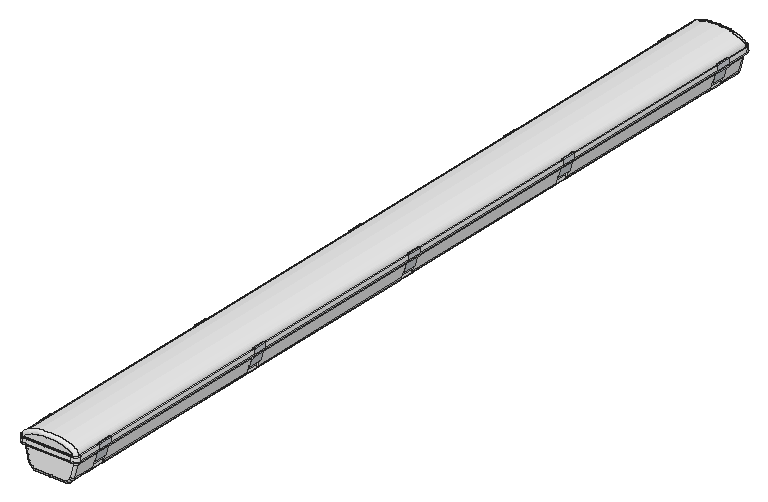
Revit family "0048832 Feilo Sylvania Lighting Fixture HYDROPROOF LED G3 1500MM T 4K QC MW", category Lighting Fixtures, host Face, Revit 2016
Family settings
  Host = Face
  Part Type = Normal
  Round Connector Dimension = Use Diameter
  OmniClass Number = 23.80.70.11.14
  OmniClass Title = General Luminaries, Directional
  Cut with Voids When Loaded = No
  Light Source = Yes
  Shared = No
  Room Calculation Point = No
Parameters (values of type "0048832 HYDROPROOF LED G3 1500MM T 4K QC MW")
  Width = 110 mm
  Weight = "2.65 kg"
  Wattage Comments = "n/a"
  Wattage = 48 W
  WarrantyStartDate [instance] = "n/a"
  WarrantyGuarantorParts = "n/a"
  WarrantyDurationUnit = "n/a"
  WarrantyDurationParts = "n/a"
  WarrantyDescription = "n/a"
  built-in parameter 1150110 = 1 (stored number, unit not read)
  Voltage = 230 V
  URL = "http://www.sylvania-lighting.com"
  TypeName = "HYDROPROOF LED G3 1500MM T 4K QC MW"
  Type Image = <None>
  Type Comments = "n/a"
  built-in parameter 1114217 = 1 (stored number, unit not read)
  Tilt Angle = -90.00°
  built-in parameter 1150109 = 1 (stored number, unit not read)
  built-in parameter 1150134 = 12
  built-in parameter 1150113 = 1 (stored number, unit not read)
  SerialNumber [instance] = "n/a"
  ReflectorMaterial = none
  PowerFactor = 0
  PowerConsumption = "48 W"
  Photometric Web File = "0048832.ies"
  NominalWidth = 0 mm
  NominalLength = 1578 mm
  NominalHeight = 78 mm
  Name = "HYDROPROOF LED G3 1500MM T 4K QC MW"
  ModelReference = "HYDROPROOF LED G3 1500MM T 4K QC MW"
  ModelNumber = "0048832"
  Model = "HYDROPROOF LED G3 1500MM T 4K QC MW"
  Material = "grp housing, pmma diffuser"
  ManufacturerName = "Feilo Sylvania"
  Manufacturer = "Feilo Sylvania"
  LuminousEfficacy = "144 lm/W"
  built-in parameter 1150105 = 550.04 (stored number, unit not read)
  Lumens = 6912 lm
  LuminaireType = ""
  built-in parameter 1150115 = 1 (stored number, unit not read)
  LightOutputRatio = "n/a"
  built-in parameter 1150137 = (empty or 0)
  built-in parameter 1150139 = (empty or 0)
  Length = 1572 mm
  LampsType = Lamp  # "LED"
  LampNominalLuminous = "6900 lm"
  LampMacAdamStep = "3"
  LampColourTemperature = "4000 K"
  LampColourRenderingIndex = "80"
  built-in parameter 1150112 = 1 (stored number, unit not read)
  built-in parameter 1150114 = 1 (stored number, unit not read)
  Lamp = "LED"
  Keynote = "16500"
  InstallationDate [instance] = "n/a"
  InputVoltage = "220-240V~"
  InputNominalFrequency = "50/60 Hz"
  built-in parameter 1150132 = (empty or 0)
  built-in parameter 1150102 = (empty or 0)
  built-in parameter 1150107 = 4000 (stored number, unit not read)
  built-in parameter 1150138 = (empty or 0)
  IngressProtection = "IP65"
  ImpactProtectionIndex = "IK02"
  built-in parameter 1150106 = 5.5004 (stored number, unit not read)
  IfcExportType = "IfcLightFixtureType"
  IfcExportAs = "IfcLightFixtureType"
  ExpectedLife = 50000
  Emit from Rectangle Width = Width - 20 mm  # 90 mm
  Emit from Rectangle Length = Length - 20 mm  # 1552 mm
  Emit Shape Visible in Rendering = no
  ElectricShockClassification = "Class I"
  built-in parameter 1150104 = 13.378 (stored number, unit not read)
  DurationUnit = "hours"
  DocumentationLiterature = "http://www.sylvania-lighting.com/product/en-int/products/0048832"
  DimmingControlOptions = "Non dimmable"
  Dimming Lamp Color Temperature Shift = <None>
  DiffuserMaterial = Diffuser-Sylvania-Transparent
  Description = "Hydroproof, integrated LED chemical resistant weatherproof luminaire with quick connector, with UV stabilized flat diffuser and linear prisms designed to achieve uniform lit appearance, optimise light output and to reduce glare, stainless steel diffuser clips and fixing brackets for surface and wall mounting. L 1578 mm x W 110 mm x H 78 mm size, GRP housing, PMMA diffuser, Non dimmable,   4000K, CRI80,  6900 lm, 48 W, 144 lm/W, nominal average life (h):50000, energy class: A++ A+ A Class I,IK02, IP65."
  Default Elevation = 1219.2 mm
  CreatedOn = "3/27/2018"
  CreatedBy = "aron.fodor@feilosylvania.com"
  Cost = 0
  Color Filter = 16777215
  built-in parameter 1114216 [instance] = (empty or 0)
  ClassificationValue = "EF_70_80"
  ClassificationName = "Uniclass2015"
  BodyMaterial = Body-Sylvania-Gray
  BarCode [instance] = "n/a"
  built-in parameter 1114218 = 1 (stored number, unit not read)
  built-in parameter 1150133 = 10 (stored number, unit not read)
  AssetType = "Fixed"
  AssetIdentifier [instance] = "n/a"
  Assembly Code = "D5020200"
  Apparent Load = 48 VA
  AccessoryMaterial = Diffuser-Sylvania-Glow
Reference planes
  plane 1 "Center (Front/Back)": y = 0
  plane 2: z = 0
  plane 3 "Center (Left/Right)": x = 0
  plane 4: z = 54
  plane 5: x = -27.7
  plane 6: x = -34.8
  plane 7: x = -39.6
  plane 8: x = -42.2
  plane 9: z = 3
  plane 10: z = 7.8
  plane 11: z = 12.3
  plane 12: z = 36.6
  plane 13: z = 42.8
  plane 14: x = -51.1
  plane 15: z = 46.2
  plane 16: x = -55
  plane 17: y = 786
  plane 18: y = -786
  plane 19: x = 27.7
  plane 20: x = 34.8
  plane 21: x = 39.6
  plane 22: x = 42.2
  plane 23: x = 51.1
  plane 24: x = 55
  plane 25: y = 778.4
  plane 26: y = -778.4
  plane 27: y = -774.7
  plane 28: y = 774.7
  plane 29: z = 74
  plane 30: x = -51.5
  plane 31: x = 51.5
  plane 32: z = 55.2
  plane 33: y = -782.5
  plane 34: y = 782.5
  plane 35: x = -37.5
  plane 36: x = 37.5
  plane 37: x = -48.7
  plane 38: x = 48.7
  plane 39: x = 18
  plane 40: x = -18
  plane 41: z = 50.2
  plane 42: z = 24.6
  plane 43: y = 720
  plane 44: y = 706
  plane 45: y = 734
  plane 46: y = -720
  plane 47: y = 720
  plane 48: y = 706
  plane 49: y = 734
  plane 50: y = -720
  plane 51: y = -734
  plane 52: y = -706
  plane 53: y = 360
  plane 54: y = 346
  plane 55: y = 374
  plane 56: y = 0
  plane 57: y = -14
  plane 58: y = 14
  plane 59: y = -360
  plane 60: y = -374
  plane 61: y = -346
Forms (mm)
  Sweep 1, solid, material "Body-Sylvania-Gray" <- "BodyMaterial", detail levels medium+fine
    path origin (1223.4, -4572, 54) x (0, -1, 0) y (1, 0, 0)
      loop
        arc (-3796, -1278.4) -> (-3788.929, -1275.471) -> (-3786, -1268.4) r 10
        line (-3786, -1268.4) -> (-3786, -1178.4)
        arc (-3786, -1178.4) -> (-3788.929, -1171.329) -> (-3796, -1168.4) r 10
        line (-3796, -1168.4) -> (-5348, -1168.4)
        arc (-5348, -1168.4) -> (-5355.071, -1171.329) -> (-5358, -1178.4) r 10
        line (-5358, -1178.4) -> (-5358, -1268.4)
        arc (-5358, -1268.4) -> (-5355.071, -1275.471) -> (-5348, -1278.4) r 10
        line (-5348, -1278.4) -> (-3796, -1278.4)
    profile origin (-55, 0, 54) x (-1, 0, 0) y (0, 0, 1)
      loop
        line (0, 0) -> (-1, 0) -> (-1, -7.726)
        arc (-1, -7.726) -> (-1.994, -9.498) -> (-3.9, -10.2) r 2.937
        line (-3.9, -10.2) -> (-8.571, -10.2) -> (-8.571, -11.2) -> (-3.9, -11.2)
        arc (-3.9, -11.2) -> (-1.313, -10.231) -> (0, -7.8) r 3.937
        line (0, -7.8) -> (0, 0)
  Sweep 2, solid, material "Body-Sylvania-Gray" <- "BodyMaterial", detail levels medium+fine
    path origin (0, 0, 0) x (1, 0, 0) y (0, 0, 1)
      loop
        line (48.7, 42.8) -> (48.7, 36.6) -> (42.203, 12.31)
        arc (42.203, 12.31) -> (41.199, 9.884) -> (39.6, 7.8) r 10.052
        line (39.6, 7.8) -> (34.8, 3)
        arc (34.8, 3) -> (31.554, 0.781) -> (27.7, 0) r 9.902
        line (27.7, 0) -> (0, 0) -> (-27.7, 0)
        arc (-27.7, 0) -> (-31.554, 0.781) -> (-34.8, 3) r 9.902
        line (-34.8, 3) -> (-39.6, 7.8)
        arc (-39.6, 7.8) -> (-41.199, 9.884) -> (-42.203, 12.31) r 10.052
        line (-42.203, 12.31) -> (-48.7, 36.6) -> (-48.7, 42.8)
    profile origin (0, 0, 0) x (0, 0, -1) y (0, -1, 0)
      loop
        arc (0, 773.4) -> (-1.464, 776.936) -> (-5, 778.4) r 5
        line (-5, 778.4) -> (-7.8, 778.4) -> (-7.8, -778.4) -> (-5, -778.4)
        arc (-5, -778.4) -> (-1.464, -776.936) -> (0, -773.4) r 5
        line (0, -773.4) -> (0, 773.4)
  Extrusion 3, solid, material "Body-Sylvania-Gray" <- "BodyMaterial", detail levels medium+fine
    sketch origin (1524, 778.4, 1219.2) x (1, 0, 0) y (0, 0, 1)
      loop
        arc (-1558.668, -1204.874) -> (-1558.443, -1205.418) -> (-1558.085, -1205.885) r 2.252
        line (-1558.085, -1205.885) -> (-1553.231, -1210.738)
        arc (-1553.231, -1210.738) -> (-1552.534, -1211.227) -> (-1551.7, -1211.4) r 2.102
        line (-1551.7, -1211.4) -> (-1496.3, -1211.4)
        arc (-1496.3, -1211.4) -> (-1495.466, -1211.227) -> (-1494.769, -1210.738) r 2.102
        line (-1494.769, -1210.738) -> (-1489.915, -1205.885)
        arc (-1489.915, -1205.885) -> (-1489.557, -1205.418) -> (-1489.332, -1204.874) r 2.252
        line (-1489.332, -1204.874) -> (-1483.1, -1181.575) -> (-1483.1, -1176.4) -> (-1564.9, -1176.4) -> (-1564.9, -1181.575) -> (-1558.668, -1204.874)
    from 0 to 1556.8
  Sweep 4, solid, material "Diffuser-Sylvania-Transparent" <- "DiffuserMaterial", detail levels medium+fine
    path origin (0, 0, 0) x (1, 0, 0) y (0, 0, 1)
      loop
        spline (-51.5, 55.2) -> (-49.745, 60.066) -> (-44.6, 64.6) -> (-36.416, 68.494) -> (-25.75, 71.481) -> (-13.329, 73.359) -> (0, 74) -> (13.329, 73.359) -> (25.75, 71.481) -> (36.416, 68.494) -> (44.6, 64.6) -> (49.745, 60.066) -> (51.5, 55.2)
    profile origin (51.5, 0, 55.2) x (0, -1, 0) y (1, 0, 0)
      loop
        arc (782.5, -5.5) -> (780.889, -1.611) -> (777, 0) r 5.5
        line (777, 0) -> (-777, 0)
        arc (-777, 0) -> (-780.889, -1.611) -> (-782.5, -5.5) r 5.5
        line (-782.5, -5.5) -> (-782.5, -6.3) -> (-781.5, -6.3) -> (-781.5, -5.5)
        arc (-781.5, -5.5) -> (-780.182, -2.318) -> (-777, -1) r 4.5
        line (-777, -1) -> (777, -1)
        arc (777, -1) -> (780.182, -2.318) -> (781.5, -5.5) r 4.5
        line (781.5, -5.5) -> (781.5, -6.347) -> (782.5, -6.347) -> (782.5, -5.5)
  Extrusion 5, solid, material "Diffuser-Sylvania-Transparent" <- "DiffuserMaterial", detail levels medium+fine
    sketch origin (1524, -782.5, 1219.2) x (1, 0, 0) y (0, 0, 1)
      loop
        line (-1569.653, -1164) -> (-1478.347, -1164)
        spline (-1478.347, -1164) -> (-1478.969, -1162.594) -> (-1482.527, -1159.545) -> (-1489.588, -1156.201) -> (-1499.458, -1153.445) -> (-1511.242, -1151.663) -> (-1524, -1151.049) -> (-1536.758, -1151.663) -> (-1548.542, -1153.445) -> (-1558.412, -1156.201) -> (-1565.473, -1159.545) -> (-1569.031, -1162.594) -> (-1569.653, -1164)
    from 0 to -1
  Extrusion 6, solid, material "Diffuser-Sylvania-Transparent" <- "DiffuserMaterial", detail levels medium+fine
    sketch origin (1524, 782.5, 1219.2) x (1, 0, 0) y (0, 0, 1)
      loop
        spline (-1478.3, -1164) -> (-1478.931, -1162.565) -> (-1482.502, -1159.505) -> (-1489.572, -1156.155) -> (-1499.446, -1153.394) -> (-1511.236, -1151.614) -> (-1524, -1151.007) -> (-1536.764, -1151.614) -> (-1548.554, -1153.394) -> (-1558.428, -1156.155) -> (-1565.498, -1159.505) -> (-1569.069, -1162.565) -> (-1569.7, -1164)
        line (-1569.7, -1164) -> (-1478.3, -1164)
    from 0 to 1
  Extrusion 7, solid, material "Diffuser-Sylvania-Transparent" <- "DiffuserMaterial", detail levels medium+fine
    sketch origin (1223.4, -4572, 55.2) x (0, -1, 0) y (-1, 0, 0)
      loop
        arc (-5353.5, 1177.4) -> (-5352.182, 1174.218) -> (-5349, 1172.9) r 4.5
        line (-5349, 1172.9) -> (-3795, 1172.9)
        arc (-3795, 1172.9) -> (-3791.818, 1174.218) -> (-3790.5, 1177.4) r 4.5
        line (-3790.5, 1177.4) -> (-3790.5, 1269.4)
        arc (-3790.5, 1269.4) -> (-3791.818, 1272.582) -> (-3795, 1273.9) r 4.5
        line (-3795, 1273.9) -> (-5349, 1273.9)
        arc (-5349, 1273.9) -> (-5352.182, 1272.582) -> (-5353.5, 1269.4) r 4.5
        line (-5353.5, 1269.4) -> (-5353.5, 1177.4)
      loop
        line (-5358, 1268.4) -> (-5358, 1178.4)
        arc (-5358, 1178.4) -> (-5355.071, 1171.329) -> (-5348, 1168.4) r 10
        line (-5348, 1168.4) -> (-3796, 1168.4)
        arc (-3796, 1168.4) -> (-3788.929, 1171.329) -> (-3786, 1178.4) r 10
        line (-3786, 1178.4) -> (-3786, 1268.4)
        arc (-3786, 1268.4) -> (-3788.929, 1275.471) -> (-3796, 1278.4) r 10
        line (-3796, 1278.4) -> (-5348, 1278.4)
        arc (-5348, 1278.4) -> (-5355.071, 1275.471) -> (-5358, 1268.4) r 10
    from 0 to 1.2
  Extrusion 8, solid, material "Diffuser-Sylvania-Glow" <- "AccessoryMaterial", detail levels fine
    sketch origin (0, 0, 0) x (1, 0, 0) y (0, 0, 1)
      loop
        circle (-18, 50.2) r 8
      loop
        circle (18, 50.2) r 8
    from -774.7 to 774.7
  Extrusion 9, void
    sketch origin (0, 720, 2343.807) x (0, 0, -1) y (-1, 0, 0)
      loop
        line (2340.807, -37.5) -> (2331.507, -37.5) -> (2319.207, -42.2) -> (2319.207, -48.7) -> (2340.807, -48.7) -> (2340.807, -37.5)
      loop
        line (2340.807, 37.5) -> (2340.807, 48.7) -> (2319.207, 48.7) -> (2319.207, 42.2) -> (2331.507, 37.5) -> (2340.807, 37.5)
    from -14 to 14
  Extrusion 10, solid, material "Body-Sylvania-Gray" <- "BodyMaterial", detail levels coarse
    sketch origin (0, 0, 0) x (1, 0, 0) y (0, 0, 1)
      loop
        line (55, 42.8) -> (55, 55.2) -> (-55, 55.2) -> (-55, 42.791) -> (-42.2, 0) -> (42.2, 0) -> (55, 42.8)
    from -786 to 786
  Extrusion 11, solid, material "Diffuser-Sylvania-Transparent" <- "DiffuserMaterial", detail levels coarse
    sketch origin (0, 0, 0) x (1, 0, 0) y (0, 0, 1)
      loop
        arc (51.5, 55.2) -> (0, 74) -> (-51.5, 55.2) r 79.939
        line (-51.5, 55.2) -> (51.5, 55.2)
    from 778.4 to -778.4
  Extrusion 12, void, not visible
    sketch origin (0, 720, 2343.807) x (0, 0, -1) y (-1, 0, 0)
      loop
        line (2340.807, -37.5) -> (2331.507, -37.5) -> (2319.207, -42.2) -> (2319.207, -48.7) -> (2340.807, -48.7) -> (2340.807, -37.5)
      loop
        line (2340.807, 37.5) -> (2340.807, 48.7) -> (2319.207, 48.7) -> (2319.207, 42.2) -> (2331.507, 37.5) -> (2340.807, 37.5)
    from -14 to 14
  Extrusion 13, void
    sketch origin (0, -720, 2343.807) x (0, 0, -1) y (-1, 0, 0)
      loop
        line (2340.807, -37.5) -> (2331.507, -37.5) -> (2319.207, -42.2) -> (2319.207, -48.7) -> (2340.807, -48.7) -> (2340.807, -37.5)
      loop
        line (2340.807, 37.5) -> (2340.807, 48.7) -> (2319.207, 48.7) -> (2319.207, 42.2) -> (2331.507, 37.5) -> (2340.807, 37.5)
    from -14 to 14
  Extrusion 14, void
    sketch origin (0, 360, 2343.807) x (0, 0, -1) y (-1, 0, 0)
      loop
        line (2340.807, -37.5) -> (2331.507, -37.5) -> (2319.207, -42.2) -> (2319.207, -48.7) -> (2340.807, -48.7) -> (2340.807, -37.5)
      loop
        line (2340.807, 37.5) -> (2340.807, 48.7) -> (2319.207, 48.7) -> (2319.207, 42.2) -> (2331.507, 37.5) -> (2340.807, 37.5)
    from -14 to 14
  Extrusion 15, void
    sketch origin (0, 0, 2343.807) x (0, 0, -1) y (-1, 0, 0)
      loop
        line (2340.807, -37.5) -> (2331.507, -37.5) -> (2319.207, -42.2) -> (2319.207, -48.7) -> (2340.807, -48.7) -> (2340.807, -37.5)
      loop
        line (2340.807, 37.5) -> (2340.807, 48.7) -> (2319.207, 48.7) -> (2319.207, 42.2) -> (2331.507, 37.5) -> (2340.807, 37.5)
    from -14 to 14
  Extrusion 16, void
    sketch origin (0, -360, 2343.807) x (0, 0, -1) y (-1, 0, 0)
      loop
        line (2340.807, -37.5) -> (2331.507, -37.5) -> (2319.207, -42.2) -> (2319.207, -48.7) -> (2340.807, -48.7) -> (2340.807, -37.5)
      loop
        line (2340.807, 37.5) -> (2340.807, 48.7) -> (2319.207, 48.7) -> (2319.207, 42.2) -> (2331.507, 37.5) -> (2340.807, 37.5)
    from -14 to 14
Cuts and joins
  Extrusion 9, Extrusion 13, Extrusion 14, Extrusion 15, Extrusion 16 cuts Sweep 2
  Extrusion 13, Extrusion 14, Extrusion 15, Extrusion 16 cuts Extrusion 3
  joined: Sweep 2, Extrusion 3
  joined: Sweep 4, Extrusion 5, Extrusion 6
Dimensions and locks
  locked: plane 4 to plane 2 at 54
  plane 5 to plane 6 to plane 7 to plane 8 to plane 14 to plane 16 = 7.1 mm locked, 4.8 mm locked, 2.6 mm locked, 8.9 mm, 3.9 mm
  plane 4 to plane 15 to plane 13 to plane 12 to plane 11 to plane 10 to plane 9 = 7.8 mm locked, 3.4 mm, 6.2 mm locked, 24.3 mm locked, 4.5 mm locked, 4.8 mm locked
  equal spacing: plane 18, plane 1 "Center (Front/Back)", plane 17
  "Length": plane 18 to plane 17
  plane 19 to plane 20 to plane 21 to plane 22 to plane 23 to plane 24 = 7.1 mm locked, 4.8 mm locked, 2.6 mm locked, 8.9 mm, 3.9 mm
  equal spacing: plane 24, plane 3 "Center (Left/Right)", plane 16
  "Width": plane 24 to plane 16
  equal spacing: plane 27, plane 1 "Center (Front/Back)", plane 28
  locked: plane 26 to plane 27 at 3.7
  locked: Sweep 1 sketch curve to profile plane at 1
  locked: Sweep 1 sketch curve to plane 13 at 1
  locked: Sweep 1 sketch curve to plane 13 at 3.937  (x2)
  locked: Sweep 1 sketch curve to profile plane at 3.9  (x2)
  locked: plane 29 to plane 4 at 20
  equal spacing: plane 31, plane 3 "Center (Left/Right)", plane 30
  locked: plane 30 to plane 16 at 3.5
  locked: plane 32 to plane 4 at 1.2
  equal spacing: plane 33, plane 1 "Center (Front/Back)", plane 34
  equal spacing: plane 36, plane 3 "Center (Left/Right)", plane 35
  locked: plane 3 "Center (Left/Right)" to plane 35 at 37.5
  locked: plane 34 to plane 17 at 3.5
  equal spacing: plane 38, plane 3 "Center (Left/Right)", plane 37
  locked: plane 37 to plane 16 at 6.3
  equal spacing: plane 25, plane 1 "Center (Front/Back)", plane 26
  locked: plane 17 to plane 25 at 7.6
  locked: Sweep 2 sketch curve to plane 2 at 5  (x2)
  locked: Sweep 2 sketch curve to plane 26 at 5
  locked: plane 25 to Sweep 2 sketch curve at 5
  locked: Sweep 4 sketch curve to plane 31 at 5.5  (x2)
  locked: Sweep 4 sketch curve to plane 34 at 5.5
  plane 33 to Sweep 4 sketch curve = 5.5 mm
  locked: plane 34 to Sweep 4 sketch curve at 1
  locked: Sweep 4 sketch curve to plane 31 at 1
  locked: Sweep 4 sketch curve to Sweep 4 sketch curve at 1
  locked: Sweep 4 sketch curve to plane 31 at 6.347
  locked: Sweep 4 sketch curve to plane 31 at 6.3
  equal spacing: plane 39, plane 3 "Center (Left/Right)", plane 40
  locked: plane 3 "Center (Left/Right)" to plane 40 at 18
  locked: plane 42 to plane 2 at 24.6
  plane 45 to plane 43 to plane 44 = 14 mm locked, 14 mm locked
  locked: plane 17 to plane 43 at 66
  equal spacing: plane 43, plane 1 "Center (Front/Back)", plane 46
  plane 49 to plane 47 to plane 48 = 14 mm locked, 14 mm locked
  plane 52 to plane 50 to plane 51 = 14 mm locked, 14 mm locked  (x2)
  equal spacing: group 1, group 6, group 7, group 8, group 5  (x2)
  equal spacing: group 5, group 8, group 7, group 6, group 1
  plane 55 to plane 53 to plane 54 = 14 mm locked, 14 mm locked  (x2)
  plane 58 to plane 56 to plane 57 = 14 mm locked, 14 mm locked  (x2)
  plane 61 to plane 59 to plane 60 = 14 mm locked, 14 mm locked  (x2)
  plane 43 to plane 53 to plane 1 "Center (Front/Back)" to plane 59 to plane 50 = 360 mm locked, 360 mm locked, 360 mm locked, 360 mm locked
  aligned and locked: plane 2 to host face
  aligned and locked: level to host face
  aligned and locked: plane 16 to Sweep 1 sketch curve
  aligned and locked: Sweep 1 sketch curve to plane 24
  aligned and locked: plane 18 to Sweep 1 sketch curve
  aligned and locked: Sweep 1 sketch curve to plane 13
  aligned and locked: profile plane to Sweep 1 sketch curve
  aligned and locked: plane 3 "Center (Left/Right)" to Sweep 2 sketch curve
  aligned and locked: plane 9 to Sweep 2 sketch curve
  aligned and locked: plane 10 to Sweep 2 sketch curve
  aligned and locked: plane 37 to Sweep 2 sketch curve
  aligned and locked: plane 12 to Sweep 2 sketch curve
  aligned and locked: Sweep 2 sketch curve to level
  aligned and locked: plane 21 to Sweep 2 sketch curve
  aligned and locked: plane 38 to Sweep 2 sketch curve
  aligned and locked: profile plane to Sweep 2 sketch curve
  aligned and locked: plane 25 to Sweep 2 sketch curve
  aligned and locked: Sweep 2 sketch curve to plane 10
  aligned and locked: Extrusion 3 sketch curve to Sweep 2  (x7)
  aligned and locked: Sweep 2 to Extrusion 3 sketch curve
  aligned and locked: Extrusion 3 to plane 25
  aligned and locked: plane 26 to Extrusion 3
  aligned and locked: plane 32 to Sweep 4 sketch curve
  aligned and locked: plane 33 to Sweep 4 sketch curve
  aligned and locked: Sweep 4 to Extrusion 5
  aligned and locked: plane 33 to Extrusion 5
  aligned and locked: Extrusion 5 sketch curve to Sweep 4
  aligned and locked: cut or joined group of Sweep 4, Extrusion 5, Extrusion 6 to Extrusion 6 sketch curve
  aligned and locked: Extrusion 7 sketch curve to cut or joined group of Sweep 4, Extrusion 5, Extrusion 6  (x2)
  aligned and locked: cut or joined group of Sweep 4, Extrusion 5, Extrusion 6 to Extrusion 7 sketch curve  (x2)
  aligned and locked: plane 41 to Extrusion 8 sketch curve  (x2)
  aligned and locked: plane 39 to Extrusion 8 sketch curve
  aligned and locked: plane 27 to Extrusion 8
  aligned and locked: Extrusion 8 to plane 28
  aligned and locked: Extrusion 9 to plane 42
  aligned and locked: plane 9 to Extrusion 9
  aligned and locked: plane 44 to Extrusion 9
  aligned and locked: Extrusion 9 to plane 45
  aligned and locked: Extrusion 7 sketch curve to Sweep 1  (x4)
  aligned and locked: plane 4 to Extrusion 7
  aligned and locked: Extrusion 7 to plane 32
  aligned and locked: nested 2 to plane 43
  aligned and locked: plane 43 to nested 1
  aligned and locked: Extrusion 10 sketch curve to plane 24
  aligned and locked: Extrusion 10 sketch curve to Extrusion 7
  aligned and locked: plane 8 to Extrusion 10 sketch curve
  aligned and locked: plane 22 to Extrusion 10 sketch curve
  aligned and locked: level to Extrusion 10 sketch curve
  aligned and locked: Extrusion 10 to plane 17
  aligned and locked: plane 18 to Extrusion 10
  aligned and locked: cut or joined group of Sweep 4, Extrusion 5, Extrusion 6 to Extrusion 11 sketch curve
  aligned and locked: Extrusion 11 sketch curve to cut or joined group of Sweep 4, Extrusion 5, Extrusion 6  (x2)
  aligned and locked: plane 31 to Extrusion 11 sketch curve
  aligned and locked: plane 30 to Extrusion 11 sketch curve
  aligned and locked: plane 26 to Extrusion 11
  aligned and locked: Extrusion 11 to plane 25
  aligned and locked: imposter light to plane 29
  aligned and locked: plane 3 "Center (Left/Right)" to imposter light
  aligned and locked: plane 1 "Center (Front/Back)" to imposter light
  aligned and locked: plane 51 to Extrusion 13
  aligned and locked: Extrusion 13 to plane 52
  aligned and locked: plane 54 to Extrusion 14
  aligned and locked: Extrusion 14 to plane 55
  aligned and locked: plane 57 to Extrusion 15
  aligned and locked: Extrusion 15 to plane 58
  aligned and locked: plane 60 to Extrusion 16
  aligned and locked: Extrusion 16 to plane 61
  aligned and locked: nested 3 to plane 53
  aligned and locked: plane 53 to nested 10
  aligned and locked: nested 4 to plane 56
  aligned and locked: plane 56 to nested 9
  aligned and locked: nested 5 to plane 59
  aligned and locked: plane 59 to nested 8
  aligned and locked: nested 6 to plane 50
  aligned and locked: plane 50 to nested 7
Automatic sketch dimensions
  host sketch curve to host sketch curve = 2438.4 mm  (x2)
  plane 17 to Sweep 1 sketch curve = 0 mm
  Sweep 1 sketch curve to plane 28 = 1.3 mm
  Sweep 1 sketch curve to plane 7 = 5.4 mm
  plane 27 to Sweep 1 sketch curve = 1.3 mm  (x2)
  Sweep 1 sketch curve to Sweep 1 sketch curve = 4.671 mm
  Sweep 1 sketch curve to plane 4 = 0 mm
  Sweep 2 sketch curve to plane 7 = 0 mm
  Sweep 2 sketch curve to plane 6 = 0 mm
  Sweep 2 sketch curve to plane 5 = 0 mm
  plane 19 to Sweep 2 sketch curve = 0 mm
  Sweep 2 sketch curve to plane 9 = 0 mm
  plane 20 to Sweep 2 sketch curve = 0 mm
  Sweep 2 sketch curve to plane 12 = 0 mm
  Sweep 2 sketch curve to plane 10 = 0 mm
  Sweep 2 sketch curve to plane 13 = 0 mm  (x2)
  Sweep 2 sketch curve to plane 8 = 0.003 mm
  plane 6 to Sweep 2 sketch curve = 2.308 mm
  plane 20 to Sweep 2 sketch curve = 2.308 mm
  Sweep 2 sketch curve to plane 22 = 0.003 mm
  Sweep 2 sketch curve to plane 11 = 0.01 mm  (x2)
  Extrusion 3 sketch curve to plane 5 = 0 mm
  plane 19 to Extrusion 3 sketch curve = 0 mm
  plane 6 to Extrusion 3 sketch curve = 0.132 mm
  plane 6 to Extrusion 3 sketch curve = 0.715 mm
  Extrusion 3 sketch curve to Extrusion 3 sketch curve = 1.592 mm
  Extrusion 3 sketch curve to plane 10 = 0.662 mm  (x2)
  plane 20 to Extrusion 3 sketch curve = 2.308 mm
  plane 20 to Extrusion 3 sketch curve = 0.715 mm
  plane 20 to Extrusion 3 sketch curve = 0.132 mm
  Sweep 4 sketch curve to plane 30 = 0 mm
  Sweep 4 sketch curve to plane 3 "Center (Left/Right)" = 0 mm
  Sweep 4 sketch curve to Sweep 4 sketch curve = 0 mm  (x2)
  plane 37 to Extrusion 5 sketch curve = 3.047 mm
  Extrusion 5 sketch curve to plane 38 = 3.047 mm
  plane 37 to Extrusion 6 sketch curve = 3 mm
  Extrusion 6 sketch curve to plane 38 = 3 mm
  plane 25 to Extrusion 7 sketch curve = 1.4 mm  (x2)
  Extrusion 7 sketch curve to plane 26 = 1.4 mm  (x2)
  Extrusion 8 sketch curve to plane 40 = 0 mm
  Extrusion 9 sketch curve to Extrusion 9 sketch curve = 0 mm
  Extrusion 9 sketch curve to Extrusion 9 sketch curve = 12.3 mm  (x2)
  Extrusion 9 sketch curve to Extrusion 9 sketch curve = 9.3 mm  (x2)
  Extrusion 9 sketch curve to Extrusion 9 sketch curve = 6.5 mm
  Extrusion 9 sketch curve to Extrusion 9 sketch curve = 4.7 mm  (x2)
  Extrusion 9 sketch curve to Extrusion 9 sketch curve = 75 mm
  Extrusion 9 sketch curve to Extrusion 9 sketch curve = 11.2 mm
  Extrusion 10 sketch curve to plane 13 = 0 mm
  plane 13 to Extrusion 10 sketch curve = 0.009 mm
  Extrusion 11 sketch curve to level = 5.939 mm
  Extrusion 10 sketch curve to plane 16 = 0 mm
  Extrusion 12 sketch curve to Extrusion 12 sketch curve = 0 mm
  Extrusion 12 sketch curve to Extrusion 12 sketch curve = 12.3 mm  (x2)
  Extrusion 12 sketch curve to Extrusion 12 sketch curve = 9.3 mm  (x2)
  Extrusion 12 sketch curve to Extrusion 12 sketch curve = 6.5 mm
  Extrusion 12 sketch curve to Extrusion 12 sketch curve = 4.7 mm  (x2)
  Extrusion 12 sketch curve to Extrusion 12 sketch curve = 75 mm
  Extrusion 12 sketch curve to Extrusion 12 sketch curve = 11.2 mm
  Extrusion 13 sketch curve to Extrusion 13 sketch curve = 0 mm
  Extrusion 13 sketch curve to Extrusion 13 sketch curve = 12.3 mm  (x2)
  Extrusion 13 sketch curve to Extrusion 13 sketch curve = 9.3 mm  (x2)
  Extrusion 13 sketch curve to Extrusion 13 sketch curve = 6.5 mm
  Extrusion 13 sketch curve to Extrusion 13 sketch curve = 4.7 mm  (x2)
  Extrusion 13 sketch curve to Extrusion 13 sketch curve = 75 mm
  Extrusion 13 sketch curve to Extrusion 13 sketch curve = 11.2 mm
  Extrusion 14 sketch curve to Extrusion 14 sketch curve = 0 mm
  Extrusion 14 sketch curve to Extrusion 14 sketch curve = 12.3 mm  (x2)
  Extrusion 14 sketch curve to Extrusion 14 sketch curve = 9.3 mm  (x2)
  Extrusion 14 sketch curve to Extrusion 14 sketch curve = 6.5 mm
  Extrusion 14 sketch curve to Extrusion 14 sketch curve = 4.7 mm  (x2)
  Extrusion 14 sketch curve to Extrusion 14 sketch curve = 75 mm
  Extrusion 14 sketch curve to Extrusion 14 sketch curve = 11.2 mm
  Extrusion 15 sketch curve to Extrusion 15 sketch curve = 0 mm
  Extrusion 15 sketch curve to Extrusion 15 sketch curve = 12.3 mm  (x2)
  Extrusion 15 sketch curve to Extrusion 15 sketch curve = 9.3 mm  (x2)
  Extrusion 15 sketch curve to Extrusion 15 sketch curve = 6.5 mm
  Extrusion 15 sketch curve to Extrusion 15 sketch curve = 4.7 mm  (x2)
  Extrusion 15 sketch curve to Extrusion 15 sketch curve = 75 mm
  Extrusion 15 sketch curve to Extrusion 15 sketch curve = 11.2 mm
  Extrusion 16 sketch curve to Extrusion 16 sketch curve = 0 mm
  Extrusion 16 sketch curve to Extrusion 16 sketch curve = 12.3 mm  (x2)
  Extrusion 16 sketch curve to Extrusion 16 sketch curve = 9.3 mm  (x2)
  Extrusion 16 sketch curve to Extrusion 16 sketch curve = 6.5 mm
  Extrusion 16 sketch curve to Extrusion 16 sketch curve = 4.7 mm  (x2)
  Extrusion 16 sketch curve to Extrusion 16 sketch curve = 75 mm
  Extrusion 16 sketch curve to Extrusion 16 sketch curve = 11.2 mm
  radius of Extrusion 8 sketch curve = 8 mm  (x2)
Nested families
  nested 1: "Clip" at (42.2, 720, 24.6), type "Clip", detail levels fine
  nested 2: "Clip" at (-42.2, 720, 24.6) x (-1, 0, 0) z (0, 0, 1), type "Clip", detail levels fine
  nested 3: "Clip" at (-42.2, 360, 24.6) x (-1, 0, 0) z (0, 0, 1), type "Clip", detail levels fine
  nested 4: "Clip" at (-42.2, 0, 24.6) x (-1, 0, 0) z (0, 0, 1), type "Clip", detail levels fine
  nested 5: "Clip" at (-42.2, -360, 24.6) x (-1, 0, 0) z (0, 0, 1), type "Clip", detail levels fine
  nested 6: "Clip" at (-42.2, -720, 24.6) x (-1, 0, 0) z (0, 0, 1), type "Clip", detail levels fine
  nested 7: "Clip" at (42.2, -720, 24.6), type "Clip", detail levels fine
  nested 8: "Clip" at (42.2, -360, 24.6), type "Clip", detail levels fine
  nested 9: "Clip" at (42.2, 0, 24.6), type "Clip", detail levels fine
  nested 10: "Clip" at (42.2, 360, 24.6), type "Clip", detail levels fine
Connectors
  electrical at (0, 0, 0), driven by "Apparent Load"
    settings: index 1, voltage 230 V, apparent load 48 VA, apparent load phase1 0 VA, apparent load phase2 0 VA, apparent load phase3 0 VA, power factor 0, load classification "Lighting", number of poles 1, system type 30, power factor state 1, is connector primary yes, connector utility no, sub classification motor no, connector description ""
Definition of nested family "Clip"
  Parameters (values of type "Clip")
    URL = "http://www.feilosylvania.com"
    Type Comments = "n/a"
    Model = "n/a"
    Manufacturer = "Feilo Sylvania"
    Keynote = "n/a"
    Description = "n/a"
    Default Elevation = 1219.2 mm
    Cost = 0
    BodyMaterial = none
    Assembly Code = "n/a"
  Reference planes
    plane 1 "Center (Front/Back)": y = 0
    plane 2: z = 0
    plane 3 "Center (Left/Right)": x = 0
    plane 4: x = 3.3
    plane 5: x = 6.5
    plane 6: x = 8.9
    plane 7: x = 12.8
    plane 8: z = 12
    plane 9: z = 18.2
    plane 10: z = 21.6
    plane 11: z = 30.6
    plane 12: x = 9.3
    plane 13: z = 19.2
    plane 14: z = 16.2
    plane 15: x = 10.1
    plane 16: y = 12
    plane 17: y = -12
  Forms (mm)
    Extrusion 1, solid
      sketch origin (-0.8, 0, 0) x (1, 0, 0) y (0, 1, 0)
        loop
          line (-1219.2, 1219.2) -> (-1219.2, -1219.2) -> (1219.2, -1219.2) -> (1219.2, 1219.2) -> (-1219.2, 1219.2)
      from 0 to -304.8
    Extrusion 2, solid
      sketch origin (0, 0, 0) x (1, 0, 0) y (0, 0, 1)
        loop
          line (8.9, 16.2) -> (4.58, 0) -> (0, 0) -> (0, -0.8) -> (5.195, -0.8) -> (9.603, 15.731) -> (13.6, 18.806) -> (13.6, 30.6)
          arc (13.6, 30.6) -> (11.45, 32.75) -> (9.3, 30.6) r 2.15
          line (9.3, 30.6) -> (10.1, 30.6)
          arc (10.1, 30.6) -> (11.45, 31.95) -> (12.8, 30.6) r 1.35
          line (12.8, 30.6) -> (12.8, 19.2) -> (8.9, 16.2)
      from -12 to 12
  Lines and regions (mm)
    reference lines
      curve 1: line (3.3, 0, 0) -> (6.5, 0, 12)
      curve 2: arc (8.9, 0, 18.2) -> (11.488, 0, 19.169) -> (12.8, 0, 21.6) r 3.934
  Dimensions and locks
    plane 7 to plane 6 to plane 5 to plane 4 to plane 3 "Center (Left/Right)" = 3.9 mm locked, 2.4 mm locked, 3.2 mm locked, 3.3 mm locked
    plane 11 to plane 10 to plane 9 to plane 8 to plane 2 = 9 mm locked, 3.4 mm locked, 6.2 mm locked, 12 mm locked
    locked: plane 7 to plane 12 at 3.5
    locked: plane 13 to plane 9 at 1
    locked: plane 9 to plane 14 at 2
    locked: plane 15 to plane 12 at 0.8
    locked: plane 2 to Extrusion 2 sketch curve at 0.8
    locked: Extrusion 2 sketch curve to Extrusion 2 sketch curve at 0.8  (x3)
    locked: plane 7 to Extrusion 2 sketch curve at 1.35
    equal spacing: plane 17, plane 1 "Center (Front/Back)", plane 16
    locked: plane 1 "Center (Front/Back)" to plane 16 at 12
    aligned and locked: plane 2 to Extrusion 1
    aligned and locked: level to Extrusion 1
    aligned and locked: plane 4 to curve 1
    aligned and locked: plane 5 to curve 1
    aligned and locked: plane 6 to curve 2
    aligned and locked: plane 10 to curve 2
    aligned and locked: plane 14 to Extrusion 2 sketch curve
    aligned and locked: plane 13 to Extrusion 2 sketch curve
    aligned and locked: plane 7 to Extrusion 2 sketch curve
    aligned and locked: plane 3 "Center (Left/Right)" to Extrusion 2 sketch curve
    aligned and locked: Extrusion 2 sketch curve to level
    aligned and locked: Extrusion 2 sketch curve to plane 11
    aligned and locked: plane 11 to Extrusion 2 sketch curve
    aligned and locked: Extrusion 2 to plane 16
    aligned and locked: plane 17 to Extrusion 2
  Automatic sketch dimensions
    Extrusion 1 sketch curve to Extrusion 1 sketch curve = 2438.4 mm  (x2)
    curve 2 to plane 7 = 0 mm
    curve 1 to level = 0 mm
    curve 1 to plane 8 = 0 mm
    curve 2 to plane 9 = 0 mm
    plane 6 to curve 2 = 0.002 mm
    Extrusion 2 sketch curve to Extrusion 2 sketch curve = 0 mm
    Extrusion 2 sketch curve to plane 6 = 0 mm
    plane 4 to Extrusion 2 sketch curve = 1.28 mm
